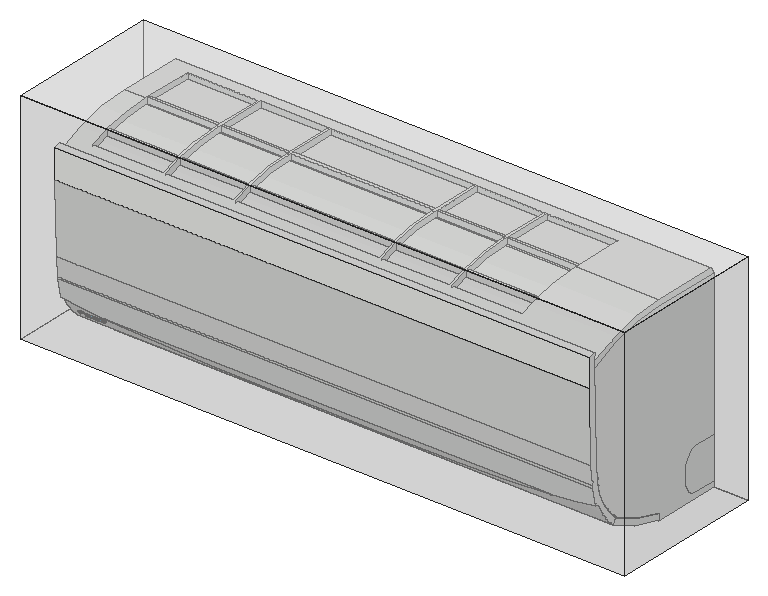
Revit family "outputfile", category 機械設備, Revit 2024
Family settings
  丸型コネクタ寸法 = 半径を使用
  パーツ タイプ = 標準
  OmniClass 番号 = 23.75.10.24.21.27.27
  OmniClass タイトル = Split System Air Conditioning Units
  作業面ベース = いいえ
  常に垂直 = はい
  ロード時にボイドで切り取り = いいえ
  注釈の向きを維持 = いいえ
  共有 = いいえ
  部屋計算ポイント = いいえ
Parameters (values of type "CTKM20RVMA")
  Description = ""
  書き出し IFC クラス(タイプ) = "IfcUnitaryEquipmentType"
  定義済み IFC タイプ(タイプ) = "AIRCONDITIONINGUNIT"
  Cost = 0
  Type Comments = ""
  Keynote = ""
  Type Image = (empty or 0)
  Assembly Code = ""
  w_wall hole = if(Width = 770.0 mm, 48.0 mm, 60.0 mm)  # 48.0 mm
  製造元 = "Daikin"
  モデル = "CTKM20RVMA"
  switch_frequency = yes
  r_Liquid Pipe Size = Liquid Pipe Size / 2  # 3.2 mm
  r_Gas Pipe Size = Gas Pipe Size / 2  # 4.75 mm
  r_Drain Pipe Size = Drain Pipe Size / 2  # 8.0 mm
  lw_powersupply [instance] = if(Width = 770.0 mm, if(or(Rear Right Connection_refrigerant, Bottom Right Connection_refrigerant), 25.0 mm, if(or(Rear Left Connection_refrigerant, Bottom Left Connection_refrigerant), 745.0 mm, 400.0 mm)), if(Width = 990.0 mm, if(or(Rear Right Connection_refrigerant, Bottom Right Connection_refrigerant), 40.0 mm, if(or(Rear Left Connection_refrigerant, Bottom Left Connection_refrigerant), 920.0 mm, 400.0 mm)), if(or(Rear Right Connection_refrigerant, Bottom Right Connection_refrigerant), 40.0 mm, if(or(Rear Left Connection_refrigerant, Bottom Left Connection_refrigerant), 920.0 mm, 400.0 mm))))  # 400.0 mm
  lw_liquidpipe [instance] = if(Width = 770.0 mm, if(or(Rear Right Connection_refrigerant, Bottom Right Connection_refrigerant), 0.0 mm, if(or(Rear Left Connection_refrigerant, Bottom Left Connection_refrigerant), 664.0 mm, 385.0 mm)), if(Width = 990.0 mm, if(or(Rear Right Connection_refrigerant, Bottom Right Connection_refrigerant), 0.0 mm, if(or(Rear Left Connection_refrigerant, Bottom Left Connection_refrigerant), 664.0 mm + (990.0 mm - 770.0 mm), 475.0 mm)), if(or(Rear Right Connection_refrigerant, Bottom Right Connection_refrigerant), 0.0 mm, if(or(Rear Left Connection_refrigerant, Bottom Left Connection_refrigerant), 664.0 mm + (990.0 mm - 770.0 mm), 475.0 mm))))  # 385.0 mm
  lw_gaspipe [instance] = if(Width = 770.0 mm, if(or(Rear Right Connection_refrigerant, Bottom Right Connection_refrigerant), 0.0 mm, if(or(Rear Left Connection_refrigerant, Bottom Left Connection_refrigerant), 675.0 mm, if(Gas Pipe Size = 12.7 mm, 345.0 mm, 335.0 mm))), if(Width = 990.0 mm, if(or(Rear Right Connection_refrigerant, Bottom Right Connection_refrigerant), 10.0 mm, if(or(Rear Left Connection_refrigerant, Bottom Left Connection_refrigerant), 890.0 mm, if(Gas Pipe Size = 15.9 mm, 410.0 mm, 400.0 mm))), if(or(Rear Right Connection_refrigerant, Bottom Right Connection_refrigerant), 10.0 mm, if(or(Rear Left Connection_refrigerant, Bottom Left Connection_refrigerant), 890.0 mm, if(Gas Pipe Size = 15.9 mm, 410.0 mm, 400.0 mm)))))  # 335.0 mm
  lw_drainpipe [instance] = if(Width = 770.0 mm, if(or(Rear Right Connection_refrigerant, Bottom Right Connection_refrigerant), 0.0 mm, if(or(Rear Left Connection_refrigerant, Bottom Left Connection_refrigerant), 770.0 mm - 48.0 mm - 48.0 mm, 440.0 mm)), if(Width = 990.0 mm, if(or(Rear Right Connection_refrigerant, Bottom Right Connection_refrigerant), 0.0 mm, if(or(Rear Left Connection_refrigerant, Bottom Left Connection_refrigerant), 675.0 mm + (990.0 mm - 770.0 mm), 435.0 mm)), if(or(Rear Right Connection_refrigerant, Bottom Right Connection_refrigerant), 0.0 mm, if(or(Rear Left Connection_refrigerant, Bottom Left Connection_refrigerant), 675.0 mm + (990.0 mm - 770.0 mm), 435.0 mm))))  # 440.0 mm
  l_powersupply_length [instance] = if(Width = 770.0 mm, if(Right Connection_refrigerant, 400.0 mm, if(Left Connection_refrigerant, 770.0 mm - 400.0 mm, if(or(Rear Left Connection_refrigerant, Rear Right Connection_refrigerant), 15.0 mm, 50.0 mm))), if(Width = 990.0 mm, if(Right Connection_refrigerant, 400.0 mm, if(Left Connection_refrigerant, 990.0 mm - 400.0 mm, if(or(Rear Left Connection_refrigerant, Rear Right Connection_refrigerant), 15.0 mm, 50.0 mm))), if(Right Connection_refrigerant, 400.0 mm, if(Left Connection_refrigerant, 990.0 mm - 400.0 mm, if(or(Rear Left Connection_refrigerant, Rear Right Connection_refrigerant), 15.0 mm, 50.0 mm)))))  # 400.0 mm
  l_liquidpipe_length [instance] = if(Width = 770.0 mm, if(Right Connection_refrigerant, 433.0 mm, if(Left Connection_refrigerant, 337.0 mm, if(or(Rear Left Connection_refrigerant, Rear Right Connection_refrigerant), 30.0 mm, 40.0 mm))), if(Width = 990.0 mm, if(Right Connection_refrigerant, 535.0 mm, if(Left Connection_refrigerant, 455.0 mm, if(or(Rear Left Connection_refrigerant, Rear Right Connection_refrigerant), 30.0 mm, 40.0 mm))), if(Right Connection_refrigerant, 535.0 mm, if(Left Connection_refrigerant, 455.0 mm, if(or(Rear Left Connection_refrigerant, Rear Right Connection_refrigerant), 30.0 mm, 40.0 mm)))))  # 433.0 mm
  l_gaspipe_length [instance] = if(Width = 770.0 mm, if(Right Connection_refrigerant, if(Gas Pipe Size = 12.7 mm, 393.0 mm, 383.0 mm), if(Left Connection_refrigerant, if(Gas Pipe Size = 12.7 mm, 770.0 mm - 393.0 mm, 770.0 mm - 383.0 mm), if(or(Rear Left Connection_refrigerant, Rear Right Connection_refrigerant), 40.0 mm, 50.0 mm))), if(Width = 990.0 mm, if(Right Connection_refrigerant, if(Gas Pipe Size = 15.9 mm, 470.0 mm, 460.0 mm), if(Left Connection_refrigerant, if(Gas Pipe Size = 15.9 mm, 990.0 mm - 470.0 mm, 990.0 mm - 460.0 mm), if(or(Rear Left Connection_refrigerant, Rear Right Connection_refrigerant), 40.0 mm, 50.0 mm))), if(Right Connection_refrigerant, if(Gas Pipe Size = 15.9 mm, 470.0 mm, 460.0 mm), if(Left Connection_refrigerant, if(Gas Pipe Size = 15.9 mm, 990.0 mm - 470.0 mm, 990.0 mm - 460.0 mm), if(or(Rear Left Connection_refrigerant, Rear Right Connection_refrigerant), 40.0 mm, 50.0 mm)))))  # 383.0 mm
  l_drainpipe_length [instance] = if(Width = 770.0 mm, if(Right Connection_refrigerant, 488.0 mm, if(Left Connection_refrigerant, 282.0 mm, if(or(Rear Left Connection_refrigerant, Rear Right Connection_refrigerant), 15.0 mm, 20.0 mm))), if(Width = 990.0 mm, if(Right Connection_refrigerant, 495.0 mm, if(Left Connection_refrigerant, 495.0 mm, if(or(Rear Left Connection_refrigerant, Rear Right Connection_refrigerant), 15.0 mm, 20.0 mm))), if(Right Connection_refrigerant, 495.0 mm, if(Left Connection_refrigerant, 495.0 mm, if(or(Rear Left Connection_refrigerant, Rear Right Connection_refrigerant), 15.0 mm, 20.0 mm)))))  # 488.0 mm
  h*** = 0.0 mm  # constant formula
  connector_voltage = Voltage_50Hz  # 230 V
  connector_powerinput = [Power Input (Cooling)]  # 0.000 kW
  connector_phase = Phase_50Hz  # 1
  angle_vertical [instance] = if(or(Bottom Left Connection_refrigerant, Bottom Right Connection_refrigerant), 0.00°, 90.00°)  # 90.00°
  angle_horizontal [instance] = if(Right Connection_refrigerant, 90.00°, if(Left Connection_refrigerant, -90.00°, if(or(Rear Left Connection_refrigerant, Rear Right Connection_refrigerant), 180.00°, 0.00°)))  # 90.00°
  Width = 770.0 mm
  Voltage_comment_50Hz = "220 - 240"
  Voltage_50Hz = 230 V
  Version = "ver.1.0"
  Unit Type = "Wall Mounted"
  Unit Mass Weight = 8.00 kg
  Unit Designation [instance] = ""
  Uniclass2015Version = "Products v1.30"
  Uniclass2015Title = "Split coil room air conditioning units"
  Uniclass2015Code = "Pr_70_65_03_86"
  URL = ""
  Total Cooling Capacity [instance] = 0.000 kW
  Sound Pressure Level_M speed (dBA) = 32
  Sound Pressure Level_L speed (dBA) = 25
  Sound Pressure Level_H speed (dBA) = 38
  Sound Power Level_H speed (dB) = 0
  Series = "Multi Split_Fan Coil Unit"
  Sensible Cooling Capacity [instance] = 0.000 kW
  Refrigerant Type = "R32"
  Power Input (Cooling) = 0.000 kW
  Phase_50Hz = 1
  Option Accessory 3 [instance] = ""
  Option Accessory 2 [instance] = ""
  Option Accessory 1 [instance] = ""
  Nominal Cooling Capacity = 2.000 kW
  Minimum Circuit Amps_50Hz = 0.0 A
  Minimum Airflow = 324.00 m³/h
  Median Airflow = 450.00 m³/h
  Maximum Fuse Amps_50Hz = 0.0 A
  Maximum Airflow = 576.00 m³/h
  Material_Casing = DAIKIN_White_Casing_indoorunit
  Load Classification = HVAC
  Liquid Pipe Size = 6.4 mm
  Link_Nested Family [instance] = ""
  IfcVersion = ""
  IfcExportType = "AIRCONDITIONINGUNIT"
  IfcExportAs = "IfcUnitaryEquipmentType"
  Height = 285.0 mm
  Heat Exchanger Type = "Cross Fin Coil"
  Gas Pipe Size = 9.5 mm
  Frequency_50Hz = 50 Hz
  Fan Type = "Cross Flow Fan"
  Fan Drive = "Direct Drive"
  FCU Tag No. [instance] = ""
  Drain Pipe Size = 16.0 mm
  Design Supply Airflow [instance] = 0.00 m³/h
  Depth = 223.0 mm
  既定の高さ = 0.0 mm
  Cooling Entering Wet Bulb Temperature [instance] = 0.00 °C
  Cooling Entering Dry Bulb Temperature [instance] = 0.00 °C
  Cooling Ambient Wet Bulb Temperature [instance] = 0.00 °C
  Cooling Ambient Dry Bulb Temperature [instance] = 0.00 °C
  Clearance visibility [instance] = yes
  Clearance Top = 30.0 mm
  Clearance Right = 50.0 mm
  Clearance Rear = 0.0 mm
  Clearance Left = 50.0 mm
  Clearance Front = 0.0 mm
  Clearance Bottom = 0.0 mm
  Bottom Right Connection_refrigerant [instance] = no
  Bottom Left Connection_refrigerant [instance] = no
  Rear Right Connection_refrigerant [instance] = no
  Rear Left Connection_refrigerant [instance] = no
  Right Connection_refrigerant [instance] = yes
  Left Connection_refrigerant [instance] = no
Reference planes
  plane 1 "Back": y = 0
  plane 2: z = 0
  plane 3 "Center (Left/Right)": x = 0
  plane 4 "Center (Front/Back)": y = -111.5
  plane 5 "Front": y = -223
  plane 6 "Left": x = -385
  plane 7 "Right": x = 385
  plane 8 "Top": z = 0
  plane 9 "Bottom": z = -285
  plane 10: x = -435
  plane 11: x = 435
  plane 12: y = 0
  plane 13: y = -223
  plane 14: z = 30
  plane 15: z = -285
  plane 16 "lw_Piping and Wiring intake": x = 337
  plane 17 "lw_gaspipe": x = 2
  plane 18 "lw_liquidpipe": x = -48
  plane 19 "lw_drainpipe": x = -103
  plane 20 "lh_drainpipe": z = -265
  plane 21 "lh_liquidpipe": z = -245
  plane 22 "lh_gaspipe": z = -235
  plane 23 "ld_drainpipe": y = -15
  plane 24 "ld_liquidpipe": y = -30
  plane 25 "ld_gaspipe": y = -40
  plane 26 "lw_powersupply": x = -15
Dimensions and locks
  equal spacing: plane 6 "Left", plane 3 "Center (Left/Right)", plane 7 "Right"
  "Width": plane 6 "Left" to plane 7 "Right"
  equal spacing: plane 5 "Front", plane 4 "Center (Front/Back)", plane 1 "Back"
  "Depth": plane 5 "Front" to plane 1 "Back"
  "Height": plane 8 "Top" to plane 9 "Bottom"
  "Clearance Rear": plane 12 to plane 1 "Back"
  "Clearance Front": plane 13 to plane 5 "Front"
  "Clearance Top": plane 14 to plane 8 "Top"
  "Clearance Bottom": plane 9 "Bottom" to plane 15
  "w_wall hole": plane 16 "lw_Piping and Wiring intake" to plane 7 "Right"
  "lw_gaspipe": plane 17 "lw_gaspipe" to plane 16 "lw_Piping and Wiring intake"
  "lw_liquidpipe": plane 18 "lw_liquidpipe" to plane 16 "lw_Piping and Wiring intake"
  "lw_drainpipe": plane 19 "lw_drainpipe" to plane 16 "lw_Piping and Wiring intake"
  locked: plane 20 "lh_drainpipe" to plane 9 "Bottom" at 20
  locked: plane 21 "lh_liquidpipe" to plane 9 "Bottom" at 40
  locked: plane 22 "lh_gaspipe" to plane 9 "Bottom" at 50
  locked: plane 23 "ld_drainpipe" to plane 1 "Back" at 15
  locked: plane 1 "Back" to plane 24 "ld_liquidpipe" at 30
  locked: plane 1 "Back" to plane 25 "ld_gaspipe" at 40
  "lw_powersupply": plane 26 "lw_powersupply" to plane 7 "Right"
  "Clearance Right": plane 7 "Right" to plane 11
  "Clearance Left": plane 10 to plane 6 "Left"
  aligned and locked: level to plane 2
  aligned and locked: plane 12 to nested 1
  aligned and locked: nested 1 to plane 13
  aligned and locked: plane 10 to nested 1
  aligned and locked: plane 11 to nested 1
  aligned and locked: plane 15 to nested 1
  aligned and locked: plane 14 to nested 1
  aligned and locked: plane 17 "lw_gaspipe" to nested 2
  aligned and locked: nested 2 to plane 25 "ld_gaspipe"
  aligned and locked: plane 18 "lw_liquidpipe" to nested 3
  aligned and locked: nested 3 to plane 24 "ld_liquidpipe"
  aligned and locked: plane 19 "lw_drainpipe" to nested 4
  aligned and locked: nested 4 to plane 23 "ld_drainpipe"
  aligned and locked: nested 5 to plane 23 "ld_drainpipe"
  aligned and locked: plane 26 "lw_powersupply" to nested 5
  aligned and locked: level to plane 8 "Top"
  aligned and locked: plane 3 "Center (Left/Right)" to nested 6
  aligned and locked: plane 1 "Back" to nested 6
  aligned and locked: plane 8 "Top" to nested 6
Nested families
  nested 1: "daikin_clearancespace" at (0, -111.5, -127.381), show <- "Clearance visibility", visible <- "Clearance visibility", Link_Nested Family <- "Link_Nested Family", type "daikin_clearancespace"
    with width 870.0 mm, show yes, height 315.0 mm, depth 223.0 mm, Link_Nested Family ""
  nested 2: "daikin_connector_rotate3" at (2, -40, -235), angle_vertical <- "angle_vertical", angle_horizontal <- "angle_horizontal", length <- "l_gaspipe_length", radius <- "r_Gas Pipe Size", type "daikin_connector_rotate3"
    with show no, radius 4.75 mm, length 383.0 mm, angle_vertical 90.00°, angle_horizontal 90.00°
  nested 3: "daikin_connector_rotate3" at (-48, -30, -245), angle_vertical <- "angle_vertical", angle_horizontal <- "angle_horizontal", radius <- "r_Liquid Pipe Size", length <- "l_liquidpipe_length", type "daikin_connector_rotate3"
    with show no, radius 3.2 mm, length 433.0 mm, angle_vertical 90.00°, angle_horizontal 90.00°
  nested 4: "daikin_connector_rotate3" at (-103, -15, -265), angle_vertical <- "angle_vertical", angle_horizontal <- "angle_horizontal", length <- "l_drainpipe_length", radius <- "r_Drain Pipe Size", type "daikin_connector_rotate3"
    with show no, radius 8.0 mm, length 488.0 mm, angle_vertical 90.00°, angle_horizontal 90.00°
  nested 5: "daikin_connector_rotate3" at (-15, -15, -235), angle_vertical <- "angle_vertical", angle_horizontal <- "angle_horizontal", length <- "l_powersupply_length", type "daikin_connector_rotate3"
    with show no, radius 10.0 mm, length 400.0 mm, angle_vertical 90.00°, angle_horizontal 90.00°
  nested 6: "DAIKIN_indoorunit_CTKM-RVMA" at (-31, 0, 0), type "CTKM-RVMA"
Connectors
  piping at (385, -40, -235), diameter 9.5, driven by "r_Gas Pipe Size"
    settings: on nested 2, index 1, connector inside diameter 609.6 mm, connector length 0.0 mm, flow factor 0, pipe flow 0.00 m³/h, pressure drop 0.0 Pa, fitting loss kfactor 0, connector angle 0.00°, fixture units 0, engagement length 0.0 mm, angle of deflection 0.00°, flow configuration 1, flow direction 2, fitting loss method 0, system type 29, joint type 0, gender type 0, connector reference index -1, connector utility 0, adjustable connector no, is connector primary yes, connector description "Refrigerant Gas Piping"
  piping at (385, -30, -245), diameter 6.4, driven by "r_Liquid Pipe Size"
    settings: on nested 3, index 2, connector inside diameter 609.6 mm, connector length 0.0 mm, flow factor 0, pipe flow 0.00 m³/h, pressure drop 0.0 Pa, fitting loss kfactor 0, connector angle 0.00°, fixture units 0, engagement length 0.0 mm, angle of deflection 0.00°, flow configuration 1, flow direction 1, fitting loss method 0, system type 29, joint type 0, gender type 0, connector reference index -1, connector utility 0, adjustable connector no, is connector primary no, connector description "Refrigerant Liquid Piping"
  piping at (385, -15, -265), diameter 16, driven by "r_Drain Pipe Size"
    settings: on nested 4, index 3, connector inside diameter 609.6 mm, connector length 0.0 mm, flow factor 0, pipe flow 0.00 m³/h, pressure drop 0.0 Pa, fitting loss kfactor 0, connector angle 0.00°, fixture units 0, engagement length 0.0 mm, angle of deflection 0.00°, flow configuration 1, flow direction 2, fitting loss method 4, system type 16, joint type 0, gender type 0, connector reference index -1, connector utility 0, adjustable connector no, is connector primary no, connector description "Condensate Drain Piping"
  electrical at (385, -15, -235), driven by "Load Classification", driven by "connector_phase", driven by "connector_powerinput", driven by "connector_voltage"
    settings: on nested 5, index 4, voltage 230 V, apparent load 0 VA, apparent load phase1 0 VA, apparent load phase2 0 VA, apparent load phase3 0 VA, power factor 1, load classification "HVAC", number of poles 1, system type 30, power factor state 1, is connector primary yes, connector utility no, sub classification motor no, connector description "Power Supply"
Definition of nested family "daikin_clearancespace"
  Parameters (values of type "daikin_clearancespace")
    Description = "daikin_clearancespace"
    width [instance] = 1823.963 mm
    show [instance] = yes
    material = none
    height [instance] = 1359.762 mm
    depth [instance] = 880.0 mm
    Default Elevation = 0.0 mm
    Link_Nested Family [instance] = ""
  Reference planes
    plane 1 "Center (Front/Back)": y = 0
    plane 2 "Center (Elevation)": z = -0.119
    plane 3 "Center (Left/Right)": x = 0
    plane 4: y = 440
    plane 5: y = -440
    plane 6 "Right": x = 911.982
    plane 7 "Left": x = -911.982
    plane 8 "Top": z = 679.762
    plane 9 "Bottom": z = -680
  Forms (mm)
    Extrusion 1, solid, material <- "material", visible <- "show"
      sketch origin (0, 0, 0) x (1, 0, 0) y (0, 1, 0)
        loop
          line (-911.982, 440) -> (-911.982, -440) -> (911.982, -440) -> (911.982, 440) -> (-911.982, 440)
      from -680 to 679.762
  Lines and regions (mm)
    symbolic lines, visible <- "show"
      curve 1: line (911.982, 440, 0) -> (-911.982, 440, 0)
      curve 2: line (-911.982, 440, 0) -> (-911.982, -440, 0)
      curve 3: line (-911.982, -440, 0) -> (911.982, -440, 0)
      curve 4: line (911.982, -440, 0) -> (911.982, 440, 0)
      curve 5: line (911.982, 0, 679.762) -> (-911.982, 0, 679.762)
      curve 6: line (911.982, 0, -680) -> (911.982, 0, 679.762)
      curve 7: line (-911.982, 0, -680) -> (911.982, 0, -680)
      curve 8: line (-911.982, 0, 679.762) -> (-911.982, 0, -680)
      curve 9: line (0, 440, 679.762) -> (0, -440, 679.762)
      curve 10: line (0, -440, 679.762) -> (0, -440, -680)
      curve 11: line (0, 440, -680) -> (0, 440, 679.762)
      curve 12: line (0, -440, -680) -> (0, 440, -680)
  Dimensions and locks
    "width": plane 7 "Left" to plane 6 "Right"
    "depth": plane 4 to plane 5
    "height": plane 8 "Top" to plane 9 "Bottom"
    equal spacing: plane 7 "Left", plane 3 "Center (Left/Right)", plane 6 "Right"
    equal spacing: plane 4, plane 1 "Center (Front/Back)", plane 5
    equal spacing: plane 8 "Top", plane 2 "Center (Elevation)", plane 9 "Bottom"
    aligned and locked: level to plane 2 "Center (Elevation)"
    aligned and locked: Extrusion 1 sketch curve to plane 4
    aligned and locked: plane 7 "Left" to Extrusion 1 sketch curve
    aligned and locked: Extrusion 1 sketch curve to plane 5
    aligned and locked: Extrusion 1 sketch curve to plane 6 "Right"
    aligned and locked: plane 8 "Top" to Extrusion 1
    aligned and locked: curve 1 to Extrusion 1
    aligned and locked: curve 2 to Extrusion 1
    aligned and locked: curve 3 to Extrusion 1
    aligned and locked: curve 4 to Extrusion 1
    aligned and locked: curve 5 to Extrusion 1
    aligned and locked: curve 6 to Extrusion 1
    aligned and locked: curve 7 to Extrusion 1
    aligned and locked: curve 8 to Extrusion 1
    aligned and locked: curve 9 to Extrusion 1
    aligned and locked: curve 10 to Extrusion 1
    aligned and locked: curve 11 to Extrusion 1
    aligned and locked: curve 12 to Extrusion 1
    aligned and locked: Extrusion 1 to plane 9 "Bottom"
Definition of nested family "DAIKIN_indoorunit_CTKM-RVMA"
  Parameters (values of type "FTKM-QVMA")
    switch_unit1_50-71 = Width = 990.0 mm  # no
    switch_unit1_20-46 = Width = 770.0 mm  # yes
    Width = 770.0 mm
    WALL HOLE-R = if(Width = 770.0 mm, 48.0 mm, 60.0 mm)  # 48.0 mm
    WALL HOLE Size = if(Width = 770.0 mm, 65.0 mm, 80.0 mm)  # 65.0 mm
    Material_Casing = none
    Height = if(Width = 770.0 mm, 285.0 mm, 295.0 mm)  # 285.0 mm
    Default Elevation = 0.0 mm
  Reference planes
    plane 1 "Center (Front/Back)": y = 0
    plane 2 "reference_level": z = 0
    plane 3 "Center (Left/Right)": x = 31
    plane 4: x = -354
    plane 5: x = 416
    plane 6: z = -285
  Forms (mm)
    Extrusion 1, solid, material <- "Material_Casing", visible <- "switch_unit1_20-46"
      sketch origin (29, 0, 0) x (0, 1, 0) y (0, 0, 1)
        loop
          line (-5, 0) -> (-98, 0)
          arc (-98, 0) -> (-157.611, -7.211) -> (-213.783, -28.427) r 250
          arc (-213.783, -28.427) -> (-213.842, -32.972) -> (-213.892, -37.516) r 2191
          arc (-213.892, -37.516) -> (-157.832, -15.495) -> (-98.07, -8) r 242
          line (-98.07, -8) -> (0, -8) -> (-5, 0)
      from -383 to 387
    Extrusion 2, solid, material <- "Material_Casing", visible <- "switch_unit1_20-46"
      sketch origin (416, 1296.25, 1200) x (0, 1, 0) y (0, 0, 1)
        loop
          line (-1472.998, -1446.91) -> (-1476.998, -1453.839)
          arc (-1476.998, -1453.839) -> (-1437.481, -1472.422) -> (-1395.25, -1483.538) r 240
          line (-1395.25, -1483.538) -> (-1395.25, -1475.422)
          arc (-1395.25, -1475.422) -> (-1435.407, -1464.663) -> (-1472.998, -1446.91) r 232
      from 0 to -47.5
    Extrusion 3, solid, material <- "Material_Casing", visible <- "switch_unit1_20-46"
      sketch origin (29, 0, 0) x (0, 1, 0) y (0, 0, 1)
        loop
          arc (-223, -60.455) -> (-222.414, -110.646) -> (-220.656, -160.81) r 2149.92
          arc (-220.656, -160.81) -> (-219.65, -174.299) -> (-217.853, -187.706) r 229.911
          arc (-217.853, -187.706) -> (-205.371, -223.594) -> (-181.517, -253.17) r 111
          line (-181.517, -253.17) -> (-177.429, -246.093)
          arc (-177.429, -246.093) -> (-198.77, -218.989) -> (-209.965, -186.36) r 103
          arc (-209.965, -186.36) -> (-211.681, -173.586) -> (-212.651, -160.735) r 221.844
          arc (-212.651, -160.735) -> (-214.739, -93.233) -> (-214.74, -25.699) r 2186.828
          arc (-214.74, -25.699) -> (-214.671, -21.467) -> (-214.594, -17.235) r 2192
          line (-214.594, -17.235) -> (-223, -19.961) -> (-223, -60.455)
      from -383 to 387
    Extrusion 4, solid, material <- "Material_Casing", visible <- "switch_unit1_20-46"
      sketch origin (29, 0, 0) x (0, 1, 0) y (0, 0, 1)
        loop
          line (-181.517, -253.17) -> (-179.597, -249.846)
          arc (-179.597, -249.846) -> (-202.009, -221.399) -> (-213.189, -186.952) r 103
          line (-213.189, -186.952) -> (-217.853, -187.706)
          arc (-217.853, -187.706) -> (-217.533, -189.556) -> (-217.182, -191.4) r 111
          arc (-217.182, -191.4) -> (-213.806, -208.181) -> (-210.362, -224.948) r 4257.809
          arc (-210.362, -224.948) -> (-198.886, -237.857) -> (-186.225, -249.607) r 180
          line (-186.225, -249.607) -> (-181.517, -253.17)
      from -383 to 387
    Extrusion 5, solid, material <- "Material_Casing", visible <- "switch_unit1_20-46"
      sketch origin (29, 0, -20) x (0, 1, 0) y (0, 0, 1)
        loop
          line (0, -265) -> (0, 12) -> (-98.07, 12)
          arc (-98.07, 12) -> (-157.832, 4.505) -> (-213.892, -17.516) r 242
          arc (-213.892, -17.516) -> (-213.638, -79.114) -> (-211.653, -140.681) r 2191
          arc (-211.653, -140.681) -> (-210.685, -153.501) -> (-208.973, -166.243) r 221
          arc (-208.973, -166.243) -> (-197.471, -199.282) -> (-175.482, -226.491) r 102
          arc (-175.482, -226.491) -> (-138.004, -244.019) -> (-98, -254.579) r 231
          line (-98, -254.579) -> (-98, -265) -> (0, -265)
      from -383 to 387
    Extrusion 6, solid, material <- "Material_Casing", visible <- "switch_unit1_20-46"
      sketch origin (-354, 1296.25, 1200) x (0, 1, 0) y (0, 0, 1)
        loop
          line (-1472.998, -1446.91) -> (-1476.998, -1453.839)
          arc (-1476.998, -1453.839) -> (-1437.481, -1472.422) -> (-1395.25, -1483.538) r 240
          line (-1395.25, -1483.538) -> (-1395.25, -1475.422)
          arc (-1395.25, -1475.422) -> (-1435.407, -1464.663) -> (-1472.998, -1446.91) r 232
      from 47 to 0
    Extrusion 7, solid, material <- "Material_Casing", visible <- "switch_unit1_20-46"
      sketch origin (416, 1296.25, 1200) x (0, 1, 0) y (0, 0, 1)
        loop
          line (-1472.998, -1446.91) -> (-1476.998, -1453.839)
          arc (-1476.998, -1453.839) -> (-1443.437, -1470.168) -> (-1407.75, -1481.097) r 240
          line (-1407.75, -1481.097) -> (-1407.75, -1472.894)
          arc (-1407.75, -1472.894) -> (-1441.363, -1462.385) -> (-1472.998, -1446.91) r 232
      from -116.993 to -48.493
    Extrusion 8, solid, material <- "Material_Casing", visible <- "switch_unit1_20-46"
      sketch origin (416, 1296.25, 1200) x (0, 1, 0) y (0, 0, 1)
        loop
          line (-1472.998, -1446.91) -> (-1476.998, -1453.839)
          arc (-1476.998, -1453.839) -> (-1443.437, -1470.168) -> (-1407.75, -1481.097) r 240
          line (-1407.75, -1481.097) -> (-1407.75, -1472.894)
          arc (-1407.75, -1472.894) -> (-1441.363, -1462.385) -> (-1472.998, -1446.91) r 232
      from -717 to -121.993
    Extrusion 9, void
      sketch origin (31, 0, -235) x (1, 0, 0) y (0, 1, 0)
        loop
          line (-252.674, -22.316) -> (-354.941, -22.316) -> (-354.941, -91.341) -> (-252.674, -91.341) -> (-252.674, -22.316)
        loop
          line (-249.341, -91.341) -> (-151.574, -91.341) -> (-151.574, -22.316) -> (-249.341, -22.316) -> (-249.341, -91.341)
        loop
          line (58.309, -22.316) -> (-148.309, -22.316) -> (-148.309, -91.341) -> (58.309, -91.341) -> (58.309, -22.316)
        loop
          line (61.689, -22.316) -> (61.689, -91.341) -> (159.457, -91.341) -> (159.457, -22.316) -> (61.689, -22.316)
        loop
          line (162.789, -22.316) -> (162.789, -91.341) -> (265.057, -91.341) -> (265.057, -22.316) -> (162.789, -22.316)
        loop
          line (-354.941, -94.659) -> (-354.941, -165.259) -> (-252.674, -165.259) -> (-252.674, -94.659) -> (-354.941, -94.659)
        loop
          line (-249.341, -94.659) -> (-249.341, -165.259) -> (-151.574, -165.259) -> (-151.574, -94.659) -> (-249.341, -94.659)
        loop
          line (-148.309, -94.659) -> (-148.309, -165.259) -> (58.309, -165.259) -> (58.309, -94.659) -> (-148.309, -94.659)
        loop
          line (61.689, -94.659) -> (61.689, -165.259) -> (159.457, -165.259) -> (159.457, -94.659) -> (61.689, -94.659)
        loop
          line (162.789, -94.659) -> (162.789, -165.259) -> (265.057, -165.259) -> (265.057, -94.659) -> (162.789, -94.659)
        loop
          line (-354.941, -167.382) -> (-354.941, -192.681) -> (-252.674, -192.681) -> (-252.674, -167.382) -> (-354.941, -167.382)
        loop
          line (-249.341, -167.382) -> (-249.341, -192.681) -> (-151.574, -192.681) -> (-151.574, -167.382) -> (-249.341, -167.382)
        loop
          line (-148.309, -167.382) -> (-148.309, -192.681) -> (58.309, -192.681) -> (58.309, -167.382) -> (-148.309, -167.382)
        loop
          line (159.457, -167.382) -> (61.689, -167.382) -> (61.689, -192.681) -> (159.457, -192.681) -> (159.457, -167.382)
        loop
          line (265.057, -167.382) -> (162.789, -167.382) -> (162.789, -192.681) -> (265.057, -192.681) -> (265.057, -167.382)
      from 201.638 to 250
    Extrusion 10, void
      sketch origin (31, 0, 0) x (1, 0, 0) y (0, 0, 1)
        loop
          arc (597, -174.907) -> (0.056, -245.263) -> (-597, -175.856) r 2585.042
          line (-597, -175.856) -> (-597, -352.872) -> (597, -352.872) -> (597, -174.907)
      from 173 to 315.3
    Extrusion 11, solid, material <- "Material_Casing"
      sketch origin (31, 0, 0) x (1, 0, 0) y (0, 0, 1)
        loop
          circle (337, -240.5) r 32.5
        loop
          circle (-337, -240.5) r 32.5
      from 0 to 5
    Extrusion 12, solid, material <- "Material_Casing", visible <- "switch_unit1_20-46"
      sketch origin (416, 1296.25, 1200) x (0, -1, 0) y (0, 0, 1)
        loop
          line (1326.25, -1417) -> (1296.25, -1417) -> (1296.25, -1477) -> (1326.25, -1477)
          arc (1326.25, -1477) -> (1340.393, -1471.142) -> (1346.25, -1457) r 20
          line (1346.25, -1457) -> (1346.25, -1437)
          arc (1346.25, -1437) -> (1340.393, -1422.858) -> (1326.25, -1417) r 20
      from 0 to 5
    Extrusion 13, solid, material <- "Material_Casing", visible <- "switch_unit1_20-46"
      sketch origin (-354, 1296.25, 1200) x (0, 1, 0) y (0, 0, 1)
        loop
          line (-1296.25, -1417) -> (-1326.25, -1417)
          arc (-1326.25, -1417) -> (-1340.393, -1422.858) -> (-1346.25, -1437) r 20
          line (-1346.25, -1437) -> (-1346.25, -1457)
          arc (-1346.25, -1457) -> (-1340.393, -1471.142) -> (-1326.25, -1477) r 20
          line (-1326.25, -1477) -> (-1296.25, -1477) -> (-1296.25, -1417)
      from 0 to 5
    Extrusion 14, solid, material <- "Material_Casing", visible <- "switch_unit1_20-46"
      sketch origin (31, 0, -285) x (-1, 0, 0) y (0, -1, 0)
        loop
          line (-314, 0) -> (-314, 30)
          arc (-314, 30) -> (-319.858, 44.142) -> (-334, 50) r 20
          line (-334, 50) -> (-354, 50)
          arc (-354, 50) -> (-368.142, 44.142) -> (-374, 30) r 20
          line (-374, 30) -> (-374, 0) -> (-314, 0)
        loop
          line (374, 0) -> (374, 30)
          arc (374, 30) -> (368.142, 44.142) -> (354, 50) r 20
          line (354, 50) -> (334, 50)
          arc (334, 50) -> (319.858, 44.142) -> (314, 30) r 20
          line (314, 30) -> (314, 0) -> (374, 0)
      from 0 to 5
    Extrusion 15, solid, material <- "Material_Casing", visible <- "switch_unit1_50-71"
      sketch origin (31, 0, 0) x (0, 1, 0) y (0, 0, 1)
        loop
          line (-5, 0) -> (-138, 0)
          arc (-138, 0) -> (-197.611, -7.211) -> (-253.783, -28.427) r 250
          arc (-253.783, -28.427) -> (-253.838, -32.687) -> (-253.886, -36.946) r 2191
          arc (-253.886, -36.946) -> (-197.73, -15.346) -> (-138.014, -8) r 246.393
          line (-138.014, -8) -> (0, -8) -> (-5, 0)
      from -495 to 495
    Extrusion 16, solid, material <- "Material_Casing", visible <- "switch_unit1_50-71"
      sketch origin (418, 1296.25, 1200) x (0, 1, 0) y (0, 0, 1)
        loop
          arc (-1515.208, -1454.149) -> (-1506.856, -1460.599) -> (-1497.925, -1466.219) r 110
          arc (-1497.925, -1466.219) -> (-1445.718, -1487.493) -> (-1389.844, -1494.995) r 223
          line (-1389.844, -1494.995) -> (-1389.844, -1486.086) -> (-1404.386, -1486.086)
          arc (-1404.386, -1486.086) -> (-1449.542, -1477.46) -> (-1491.818, -1459.402) r 214.289
          arc (-1491.818, -1459.402) -> (-1501.056, -1453.541) -> (-1509.606, -1446.715) r 101
          line (-1509.606, -1446.715) -> (-1515.208, -1454.149)
      from 108 to 57.5
    Extrusion 17, solid, material <- "Material_Casing", visible <- "switch_unit1_50-71"
      sketch origin (31, 0, 0) x (0, 1, 0) y (0, 0, 1)
        loop
          line (-263, -19.962) -> (-263, -61.6)
          arc (-263, -61.6) -> (-262.414, -110.219) -> (-260.656, -158.81) r 2017.341
          arc (-260.656, -158.81) -> (-255.648, -191.935) -> (-244.041, -223.362) r 164.725
          arc (-244.041, -223.362) -> (-233.569, -239.793) -> (-219.717, -253.495) r 87.379
          line (-219.717, -253.495) -> (-214.706, -246.846)
          arc (-214.706, -246.846) -> (-229.564, -230.029) -> (-240.385, -210.371) r 102
          arc (-240.385, -210.371) -> (-249.049, -182.962) -> (-252.848, -154.467) r 165.789
          arc (-252.848, -154.467) -> (-254.771, -90.102) -> (-254.74, -25.708) r 2122.533
          arc (-254.74, -25.708) -> (-254.671, -21.469) -> (-254.594, -17.23) r 2192
          line (-254.594, -17.23) -> (-263, -19.962)
      from -495 to 495
    Extrusion 18, void
      sketch origin (33, 0, 0) x (1, 0, 0) y (0, 1, 0)
        loop
          line (-466.909, -22.316) -> (-466.909, -111.341) -> (-366.303, -111.341) -> (-366.303, -22.316) -> (-466.909, -22.316)
        loop
          line (-362.71, -22.316) -> (-362.71, -111.341) -> (-262.103, -111.341) -> (-262.103, -22.316) -> (-362.71, -22.316)
        loop
          line (-258.51, -22.316) -> (-258.51, -111.341) -> (-157.904, -111.341) -> (-157.904, -22.316) -> (-258.51, -22.316)
        loop
          line (-154.31, -22.316) -> (-154.31, -111.341) -> (-53.704, -111.341) -> (-53.704, -22.316) -> (-154.31, -22.316)
        loop
          line (-50.11, -22.316) -> (-50.11, -111.341) -> (50.496, -111.341) -> (50.496, -22.316) -> (-50.11, -22.316)
        loop
          line (54.089, -22.316) -> (54.089, -111.341) -> (154.696, -111.341) -> (154.696, -22.316) -> (54.089, -22.316)
        loop
          line (158.289, -22.316) -> (158.289, -111.341) -> (258.895, -111.341) -> (258.895, -22.316) -> (158.289, -22.316)
        loop
          line (262.489, -22.316) -> (262.489, -111.341) -> (363.095, -111.341) -> (363.095, -22.316) -> (262.489, -22.316)
        loop
          line (-466.909, -114.459) -> (-466.909, -185.059) -> (-366.303, -185.059) -> (-366.303, -114.459) -> (-466.909, -114.459)
        loop
          line (-362.71, -114.459) -> (-362.71, -185.059) -> (-262.103, -185.059) -> (-262.103, -114.459) -> (-362.71, -114.459)
        loop
          line (-258.51, -114.459) -> (-258.51, -185.059) -> (-157.904, -185.059) -> (-157.904, -114.459) -> (-258.51, -114.459)
        loop
          line (-154.31, -114.459) -> (-154.31, -185.059) -> (-53.704, -185.059) -> (-53.704, -114.459) -> (-154.31, -114.459)
        loop
          line (-50.11, -114.459) -> (-50.11, -185.059) -> (50.496, -185.059) -> (50.496, -114.459) -> (-50.11, -114.459)
        loop
          line (54.089, -114.459) -> (54.089, -185.059) -> (154.696, -185.059) -> (154.696, -114.459) -> (54.089, -114.459)
        loop
          line (158.289, -114.459) -> (158.289, -185.059) -> (258.895, -185.059) -> (258.895, -114.459) -> (158.289, -114.459)
        loop
          line (262.489, -114.459) -> (262.489, -185.059) -> (363.095, -185.059) -> (363.095, -114.459) -> (262.489, -114.459)
        loop
          line (-466.909, -187.382) -> (-466.909, -232.681) -> (-366.303, -232.681) -> (-366.303, -187.382) -> (-466.909, -187.382)
        loop
          line (-362.71, -187.382) -> (-362.71, -232.681) -> (-262.103, -232.681) -> (-262.103, -187.382) -> (-362.71, -187.382)
        loop
          line (-258.51, -187.382) -> (-258.51, -232.681) -> (-157.904, -232.681) -> (-157.904, -187.382) -> (-258.51, -187.382)
        loop
          line (-154.31, -187.382) -> (-154.31, -232.681) -> (-53.704, -232.681) -> (-53.704, -187.382) -> (-154.31, -187.382)
        loop
          line (-50.11, -187.382) -> (-50.11, -232.681) -> (50.496, -232.681) -> (50.496, -187.382) -> (-50.11, -187.382)
        loop
          line (54.089, -187.382) -> (54.089, -232.681) -> (154.696, -232.681) -> (154.696, -187.382) -> (54.089, -187.382)
        loop
          line (158.289, -187.382) -> (158.289, -232.681) -> (258.895, -232.681) -> (258.895, -187.382) -> (158.289, -187.382)
        loop
          line (262.489, -187.382) -> (262.489, -232.681) -> (363.095, -232.681) -> (363.095, -187.382) -> (262.489, -187.382)
      from -40.013 to 47.268
    Extrusion 19, void
      sketch origin (33, 0, 2300) x (1, 0, 0) y (0, 0, 1)
        loop
          line (705, -2672.872) -> (705, -2462.4)
          arc (705, -2462.4) -> (-2.043, -2534.819) -> (-709, -2461.567) r 3467.757
          line (-709, -2461.567) -> (-709, -2672.872) -> (705, -2672.872)
      from 173 to 315.3
    Extrusion 20, solid, material <- "Material_Casing", visible <- "switch_unit1_50-71"
      sketch origin (-356, 1296.25, 1200) x (0, 1, 0) y (0, 0, -1)
        loop
          line (-1515.208, 1454.149) -> (-1509.606, 1446.715)
          arc (-1509.606, 1446.715) -> (-1501.056, 1453.541) -> (-1491.818, 1459.402) r 101
          arc (-1491.818, 1459.402) -> (-1449.542, 1477.46) -> (-1404.386, 1486.086) r 214.289
          line (-1404.386, 1486.086) -> (-1389.844, 1486.086) -> (-1389.844, 1494.995)
          arc (-1389.844, 1494.995) -> (-1445.718, 1487.493) -> (-1497.925, 1466.219) r 223
          arc (-1497.925, 1466.219) -> (-1506.856, 1460.599) -> (-1515.208, 1454.149) r 110
      from 108 to 61
    Extrusion 21, solid, material <- "Material_Casing", visible <- "switch_unit1_50-71"
      sketch origin (418, 1296.25, 1200) x (0, 1, 0) y (0, 0, 1)
        loop
          arc (-1515.208, -1454.149) -> (-1506.856, -1460.599) -> (-1497.925, -1466.219) r 110
          arc (-1497.925, -1466.219) -> (-1463.185, -1482.066) -> (-1426.25, -1491.755) r 223
          line (-1426.25, -1491.755) -> (-1426.25, -1483.166)
          arc (-1426.25, -1483.166) -> (-1460.008, -1473.969) -> (-1491.818, -1459.402) r 214.289
          arc (-1491.818, -1459.402) -> (-1501.056, -1453.541) -> (-1509.606, -1446.715) r 101
          line (-1509.606, -1446.715) -> (-1515.208, -1454.149)
      from 56.5 to -36.993
    Extrusion 22, solid, material <- "Material_Casing", visible <- "switch_unit1_50-71"
      sketch origin (418, 1296.25, 1200) x (0, 1, 0) y (0, 0, 1)
        loop
          arc (-1426.25, -1483.166) -> (-1443.442, -1479.224) -> (-1460.25, -1473.881) r 214.289
          line (-1460.25, -1473.881) -> (-1460.25, -1483.089)
          arc (-1460.25, -1483.089) -> (-1443.421, -1488.091) -> (-1426.25, -1491.755) r 223
          line (-1426.25, -1491.755) -> (-1426.25, -1483.166)
      from -43.493 to -828.893
    Extrusion 23, solid, material <- "Material_Casing", visible <- "switch_unit1_50-71"
      sketch origin (418, 1296.25, 1200) x (0, 1, 0) y (0, 0, 1)
        loop
          arc (-1515.208, -1454.149) -> (-1506.856, -1460.599) -> (-1497.925, -1466.219) r 110
          arc (-1497.925, -1466.219) -> (-1479.479, -1475.527) -> (-1460.25, -1483.089) r 223
          line (-1460.25, -1483.089) -> (-1460.25, -1473.881)
          arc (-1460.25, -1473.881) -> (-1476.328, -1467.282) -> (-1491.818, -1459.402) r 214.289
          arc (-1491.818, -1459.402) -> (-1501.056, -1453.541) -> (-1509.606, -1446.715) r 101
          line (-1509.606, -1446.715) -> (-1515.208, -1454.149)
      from -43.493 to -828.893
    Extrusion 24, solid, material <- "Material_Casing", visible <- "switch_unit1_50-71"
      sketch origin (31, 0, 0) x (0, 1, 0) y (0, 0, 1)
        loop
          arc (-217.78, -250.924) -> (-234.088, -233.307) -> (-245.826, -212.366) r 102
          arc (-245.826, -212.366) -> (-251.608, -196.062) -> (-255.659, -179.245) r 165.789
          line (-255.659, -179.245) -> (-258.299, -179.737)
          arc (-258.299, -179.737) -> (-257.524, -183.799) -> (-256.646, -187.84) r 164.725
          arc (-256.646, -187.84) -> (-252.868, -206.25) -> (-249.973, -224.82) r 393.089
          arc (-249.973, -224.82) -> (-239.237, -236.969) -> (-227.451, -248.102) r 180
          arc (-227.451, -248.102) -> (-223.723, -250.998) -> (-219.717, -253.495) r 45.878
          line (-219.717, -253.495) -> (-217.78, -250.924)
      from -495 to 495
    Extrusion 25, solid, material <- "Material_Casing", visible <- "switch_unit1_50-71"
      sketch origin (31, 0, -30) x (0, 1, 0) y (0, 0, 1)
        loop
          line (0, 22) -> (-138.014, 22)
          arc (-138.014, 22) -> (-197.73, 14.654) -> (-253.886, -6.946) r 246.393
          arc (-253.886, -6.946) -> (-253.682, -65.635) -> (-251.855, -124.295) r 2120.935
          arc (-251.855, -124.295) -> (-248.086, -152.682) -> (-239.461, -179.988) r 164.789
          arc (-239.461, -179.988) -> (-228.903, -199.231) -> (-214.437, -215.738) r 101
          line (-214.437, -215.738) -> (-212.406, -216.221)
          arc (-212.406, -216.221) -> (-204.07, -222.837) -> (-195.079, -228.53) r 100
          arc (-195.079, -228.53) -> (-145.557, -248.629) -> (-92.593, -255.785) r 213.289
          line (-92.593, -255.785) -> (-92.593, -265) -> (0, -265) -> (0, 22)
      from -495 to 495
    Extrusion 26, solid, material <- "Material_Casing", visible <- "switch_unit1_50-71"
      sketch origin (526, 1296.25, 1200) x (0, -1, 0) y (0, 0, 1)
        loop
          line (1326.25, -1427.035) -> (1296.25, -1427.035) -> (1296.25, -1487.035) -> (1326.25, -1487.035)
          arc (1326.25, -1487.035) -> (1340.393, -1481.177) -> (1346.25, -1467.035) r 20
          line (1346.25, -1467.035) -> (1346.25, -1447.035)
          arc (1346.25, -1447.035) -> (1340.393, -1432.892) -> (1326.25, -1427.035) r 20
      from 0 to 5
    Extrusion 27, solid, material <- "Material_Casing", visible <- "switch_unit1_50-71"
      sketch origin (-459, 1296.25, 1200) x (0, -1, 0) y (0, 0, 1)
        loop
          line (1326.25, -1427.035) -> (1296.25, -1427.035) -> (1296.25, -1487.035) -> (1326.25, -1487.035)
          arc (1326.25, -1487.035) -> (1340.393, -1481.177) -> (1346.25, -1467.035) r 20
          line (1346.25, -1467.035) -> (1346.25, -1447.035)
          arc (1346.25, -1447.035) -> (1340.393, -1432.892) -> (1326.25, -1427.035) r 20
      from 0 to 5
    Extrusion 28, solid, material <- "Material_Casing", visible <- "switch_unit1_50-71"
      sketch origin (31, 200, -295) x (-1, 0, 0) y (0, -1, 0)
        loop
          line (469, 200) -> (469, 230)
          arc (469, 230) -> (463.142, 244.142) -> (449, 250) r 20
          line (449, 250) -> (429, 250)
          arc (429, 250) -> (414.858, 244.142) -> (409, 230) r 20
          line (409, 230) -> (409, 200) -> (469, 200)
        loop
          line (-469, 200) -> (-409, 200) -> (-409, 230)
          arc (-409, 230) -> (-414.858, 244.142) -> (-429, 250) r 20
          line (-429, 250) -> (-449, 250)
          arc (-449, 250) -> (-463.142, 244.142) -> (-469, 230) r 20
          line (-469, 230) -> (-469, 200)
      from 0 to 5
  Cuts and joins
    Extrusion 9 cuts Extrusion 1
    Extrusion 10 cuts Extrusion 4
    joined: Extrusion 3, Extrusion 4
    Extrusion 18 cuts Extrusion 15
    Extrusion 19 cuts Extrusion 24
    joined: Extrusion 17, Extrusion 24
  Lines and regions (mm)
    reference lines
      curve 1: line (-523, -201.911, -229.404) -> (-523, -193.542, -239.977)
      curve 2: line (-523, -240.779, -229.404) -> (-523, -232.411, -239.977)
  Dimensions and locks
    locked: Extrusion 10 sketch curve to Extrusion 10 sketch curve at 1194
    Extrusion 10 sketch curve to Extrusion 10 sketch curve = 1194.0 mm
    locked: Extrusion 12 sketch curve to Extrusion 12 sketch curve at 60
    locked: Extrusion 12 sketch curve to Extrusion 12 sketch curve at 50
    locked: Extrusion 14 sketch curve to Extrusion 14 sketch curve at 60  (x2)
    locked: Extrusion 14 sketch curve to Extrusion 14 sketch curve at 50
    equal spacing: plane 5, plane 3 "Center (Left/Right)", plane 4
    "Width": plane 5 to plane 4
    locked: Extrusion 11 sketch curve to plane 4 at 48
    "WALL HOLE-R": plane 5 to Extrusion 11 sketch curve
    "Height": plane 2 "reference_level" to plane 6
    locked: Extrusion 11 sketch curve to plane 6 at 44.5  (x2)
    locked: cut or joined group of Extrusion 3, Extrusion 4, Extrusion 10 to nested 1 at 15
    locked: Extrusion 17 to nested 2 at 15
    locked: Extrusion 26 sketch curve to Extrusion 26 sketch curve at 60
    locked: Extrusion 26 sketch curve to Extrusion 26 sketch curve at 50
    locked: Extrusion 27 sketch curve to Extrusion 27 sketch curve at 60
    locked: Extrusion 27 sketch curve to Extrusion 27 sketch curve at 50
    locked: Extrusion 28 sketch curve to Extrusion 28 sketch curve at 60  (x2)
    locked: Extrusion 28 sketch curve to Extrusion 28 sketch curve at 50  (x2)
    "WALL HOLE Size": diameter of Extrusion 11 sketch curve  (x2)
    aligned and locked: level to plane 2 "reference_level"
    aligned and locked: nested 1 to curve 1
    aligned and locked: Extrusion 13 sketch curve to Extrusion 12  (x4)
    aligned and locked: Extrusion 14 sketch curve to Extrusion 14 sketch curve  (x2)
    aligned and locked: Extrusion 11 to plane 1 "Center (Front/Back)"
    aligned and locked: nested 2 to curve 2
  Automatic sketch dimensions
    Extrusion 10 sketch curve to plane 3 "Center (Left/Right)" = 597.0 mm
    Extrusion 10 sketch curve to plane 3 "Center (Left/Right)" = 2.0 mm
    Extrusion 10 sketch curve to level = 352.872 mm
    Extrusion 10 sketch curve to level = 175.856 mm
    Extrusion 10 sketch curve to level = 174.907 mm
    curve 1 to level = 239.977 mm
    plane 1 "Center (Front/Back)" to curve 1 = 193.542 mm
    curve 2 to curve 1 = 0.0 mm
    curve 2 to curve 2 = 10.573 mm
    curve 1 to curve 1 = 10.573 mm
    curve 1 to curve 1 = 8.368 mm
    curve 1 to curve 2 = 30.5 mm
    curve 2 to curve 2 = 8.368 mm
    Extrusion 19 sketch curve to plane 3 "Center (Left/Right)" = 707.0 mm
    plane 3 "Center (Left/Right)" to Extrusion 19 sketch curve = 2.0 mm
    plane 3 "Center (Left/Right)" to Extrusion 19 sketch curve = 707.0 mm
    Extrusion 19 sketch curve to level = 372.872 mm
    Extrusion 19 sketch curve to level = 162.4 mm
    Extrusion 19 sketch curve to level = 161.567 mm
    Extrusion 1 sketch curve to level = 0.0 mm
    Extrusion 1 sketch curve to plane 1 "Center (Front/Back)" = 0.0 mm
    plane 1 "Center (Front/Back)" to Extrusion 1 sketch curve = 5.0 mm
    plane 1 "Center (Front/Back)" to Extrusion 1 sketch curve = 98.0 mm
    Extrusion 1 sketch curve to Extrusion 1 sketch curve = 0.07 mm
    Extrusion 1 sketch curve to level = 59.292 mm
    Extrusion 1 sketch curve to plane 1 "Center (Front/Back)" = 1977.0 mm
    Extrusion 1 sketch curve to level = 250.0 mm
    Extrusion 1 sketch curve to Extrusion 1 sketch curve = 0.0 mm
    Extrusion 1 sketch curve to level = 8.0 mm
    Extrusion 1 sketch curve to level = 28.427 mm
    plane 1 "Center (Front/Back)" to Extrusion 2 sketch curve = 180.748 mm
    Extrusion 2 sketch curve to Extrusion 2 sketch curve = 4.0 mm
    Extrusion 2 sketch curve to Extrusion 2 sketch curve = 77.747 mm
    plane 1 "Center (Front/Back)" to Extrusion 2 sketch curve = 59.279 mm
    Extrusion 2 sketch curve to Extrusion 2 sketch curve = 0.0 mm
    Extrusion 2 sketch curve to level = 283.538 mm
    Extrusion 2 sketch curve to Extrusion 2 sketch curve = 8.116 mm
    Extrusion 2 sketch curve to Extrusion 2 sketch curve = 21.583 mm
    Extrusion 2 sketch curve to Extrusion 2 sketch curve = 6.929 mm
    Extrusion 3 sketch curve to level = 19.961 mm
    plane 1 "Center (Front/Back)" to Extrusion 3 sketch curve = 223.0 mm
    Extrusion 3 sketch curve to level = 17.235 mm
    Extrusion 3 sketch curve to Extrusion 3 sketch curve = 8.406 mm
    plane 1 "Center (Front/Back)" to Extrusion 3 sketch curve = 181.517 mm
    Extrusion 3 sketch curve to Extrusion 3 sketch curve = 4.087 mm
    Extrusion 3 sketch curve to Extrusion 3 sketch curve = 69.11 mm
    Extrusion 3 sketch curve to Extrusion 3 sketch curve = 0.001 mm
    Extrusion 3 sketch curve to plane 1 "Center (Front/Back)" = 8.955 mm
    Extrusion 3 sketch curve to Extrusion 3 sketch curve = 0.067 mm
    Extrusion 3 sketch curve to level = 60.455 mm
    Extrusion 3 sketch curve to Extrusion 3 sketch curve = 1917.898 mm
    Extrusion 3 sketch curve to Extrusion 3 sketch curve = 44.907 mm
    Extrusion 3 sketch curve to Extrusion 3 sketch curve = 5.172 mm
    Extrusion 3 sketch curve to level = 150.456 mm
    Extrusion 3 sketch curve to Extrusion 3 sketch curve = 0.006 mm
    Extrusion 3 sketch curve to Extrusion 3 sketch curve = 19.265 mm
    Extrusion 3 sketch curve to Extrusion 3 sketch curve = 0.004 mm
    Extrusion 3 sketch curve to Extrusion 3 sketch curve = 76.368 mm
    Extrusion 3 sketch curve to Extrusion 3 sketch curve = 7.077 mm
    Extrusion 3 sketch curve to Extrusion 3 sketch curve = 1.002 mm
    Extrusion 3 sketch curve to Extrusion 3 sketch curve = 0.046 mm
    Extrusion 3 sketch curve to Extrusion 3 sketch curve = 8.005 mm
    Extrusion 3 sketch curve to Extrusion 3 sketch curve = 0.147 mm
    Extrusion 3 sketch curve to Extrusion 3 sketch curve = 0.0 mm
    plane 1 "Center (Front/Back)" to Extrusion 4 sketch curve = 217.853 mm
    Extrusion 4 sketch curve to Extrusion 4 sketch curve = 4.664 mm
    Extrusion 4 sketch curve to Extrusion 4 sketch curve = 26.964 mm
    Extrusion 4 sketch curve to Extrusion 4 sketch curve = 4.708 mm
    Extrusion 4 sketch curve to Extrusion 4 sketch curve = 1.92 mm
    Extrusion 4 sketch curve to Extrusion 4 sketch curve = 68.441 mm
    Extrusion 4 sketch curve to Extrusion 4 sketch curve = 2.837 mm
    Extrusion 4 sketch curve to Extrusion 4 sketch curve = 38.066 mm
    level to Extrusion 4 sketch curve = 640.031 mm
    Extrusion 4 sketch curve to plane 1 "Center (Front/Back)" = 3958.661 mm
    Extrusion 4 sketch curve to level = 111.946 mm
    Extrusion 4 sketch curve to Extrusion 4 sketch curve = 57.779 mm
    Extrusion 4 sketch curve to Extrusion 4 sketch curve = 3.149 mm
    Extrusion 4 sketch curve to Extrusion 4 sketch curve = 14.078 mm
    Extrusion 4 sketch curve to Extrusion 4 sketch curve = 0.754 mm
    Extrusion 4 sketch curve to Extrusion 4 sketch curve = 0.239 mm
    Extrusion 4 sketch curve to Extrusion 4 sketch curve = 3.324 mm
    Extrusion 4 sketch curve to Extrusion 4 sketch curve = 0.0 mm
    Extrusion 5 sketch curve to plane 1 "Center (Front/Back)" = 0.0 mm
    plane 1 "Center (Front/Back)" to Extrusion 5 sketch curve = 59.278 mm
    Extrusion 5 sketch curve to Extrusion 5 sketch curve = 98.0 mm
    Extrusion 5 sketch curve to Extrusion 5 sketch curve = 0.0 mm  (x3)
    Extrusion 5 sketch curve to level = 8.0 mm
    Extrusion 5 sketch curve to Extrusion 5 sketch curve = 38.791 mm
    Extrusion 5 sketch curve to Extrusion 5 sketch curve = 10.249 mm
    Extrusion 5 sketch curve to plane 1 "Center (Front/Back)" = 9.11 mm
    Extrusion 5 sketch curve to level = 59.292 mm
    Extrusion 5 sketch curve to Extrusion 5 sketch curve = 1967.89 mm
    Extrusion 5 sketch curve to Extrusion 5 sketch curve = 142.454 mm
    Extrusion 5 sketch curve to Extrusion 5 sketch curve = 19.271 mm
    Extrusion 5 sketch curve to Extrusion 5 sketch curve = 80.275 mm
    Extrusion 5 sketch curve to Extrusion 5 sketch curve = 24.579 mm
    Extrusion 5 sketch curve to Extrusion 5 sketch curve = 10.421 mm
    Extrusion 5 sketch curve to level = 46.847 mm
    Extrusion 5 sketch curve to Extrusion 5 sketch curve = 77.412 mm
    Extrusion 5 sketch curve to Extrusion 5 sketch curve = 33.49 mm
    Extrusion 5 sketch curve to Extrusion 5 sketch curve = 2.68 mm
    plane 1 "Center (Front/Back)" to Extrusion 6 sketch curve = 180.748 mm
    Extrusion 6 sketch curve to Extrusion 6 sketch curve = 4.0 mm
    Extrusion 6 sketch curve to Extrusion 6 sketch curve = 77.747 mm
    plane 1 "Center (Front/Back)" to Extrusion 6 sketch curve = 59.279 mm
    Extrusion 6 sketch curve to Extrusion 6 sketch curve = 0.0 mm
    Extrusion 6 sketch curve to level = 283.538 mm
    Extrusion 6 sketch curve to Extrusion 6 sketch curve = 8.116 mm
    Extrusion 6 sketch curve to Extrusion 6 sketch curve = 21.583 mm
    Extrusion 6 sketch curve to Extrusion 6 sketch curve = 6.929 mm
    plane 1 "Center (Front/Back)" to Extrusion 7 sketch curve = 180.748 mm
    Extrusion 7 sketch curve to Extrusion 7 sketch curve = 4.0 mm
    Extrusion 7 sketch curve to Extrusion 7 sketch curve = 65.247 mm
    plane 1 "Center (Front/Back)" to Extrusion 7 sketch curve = 59.279 mm
    Extrusion 7 sketch curve to Extrusion 7 sketch curve = 0.0 mm
    Extrusion 7 sketch curve to level = 281.097 mm
    Extrusion 7 sketch curve to Extrusion 7 sketch curve = 8.203 mm
    Extrusion 7 sketch curve to Extrusion 7 sketch curve = 19.055 mm
    Extrusion 7 sketch curve to Extrusion 7 sketch curve = 6.929 mm
    plane 1 "Center (Front/Back)" to Extrusion 8 sketch curve = 180.748 mm
    Extrusion 8 sketch curve to Extrusion 8 sketch curve = 4.0 mm
    Extrusion 8 sketch curve to Extrusion 8 sketch curve = 65.247 mm
    plane 1 "Center (Front/Back)" to Extrusion 8 sketch curve = 59.279 mm
    Extrusion 8 sketch curve to Extrusion 8 sketch curve = 0.0 mm
    Extrusion 8 sketch curve to level = 281.097 mm
    Extrusion 8 sketch curve to Extrusion 8 sketch curve = 8.203 mm
    Extrusion 8 sketch curve to Extrusion 8 sketch curve = 19.055 mm
    Extrusion 8 sketch curve to Extrusion 8 sketch curve = 6.929 mm
    plane 1 "Center (Front/Back)" to Extrusion 9 sketch curve = 165.259 mm  (x2)
    Extrusion 9 sketch curve to plane 3 "Center (Left/Right)" = 354.941 mm
    plane 1 "Center (Front/Back)" to Extrusion 9 sketch curve = 22.316 mm  (x3)
    Extrusion 9 sketch curve to Extrusion 9 sketch curve = 0.0 mm  (x26)
    Extrusion 9 sketch curve to Extrusion 9 sketch curve = 102.268 mm  (x2)
    Extrusion 9 sketch curve to Extrusion 9 sketch curve = 3.332 mm  (x4)
    Extrusion 9 sketch curve to Extrusion 9 sketch curve = 97.768 mm  (x2)
    Extrusion 9 sketch curve to Extrusion 9 sketch curve = 3.264 mm  (x3)
    plane 3 "Center (Left/Right)" to Extrusion 9 sketch curve = 58.309 mm
    Extrusion 9 sketch curve to Extrusion 9 sketch curve = 3.38 mm  (x3)
    Extrusion 9 sketch curve to Extrusion 9 sketch curve = 2.124 mm  (x6)
    Extrusion 9 sketch curve to Extrusion 9 sketch curve = 25.299 mm  (x2)
    Extrusion 9 sketch curve to Extrusion 9 sketch curve = 70.6 mm
    Extrusion 9 sketch curve to Extrusion 9 sketch curve = 3.317 mm  (x4)
    Extrusion 12 sketch curve to plane 1 "Center (Front/Back)" = 0.0 mm
    Extrusion 12 sketch curve to Extrusion 12 sketch curve = 20.0 mm  (x2)
    Extrusion 12 sketch curve to level = 277.0 mm
    plane 1 "Center (Front/Back)" to Extrusion 14 sketch curve = 0.0 mm
    plane 3 "Center (Left/Right)" to Extrusion 14 sketch curve = 374.0 mm
    Extrusion 14 sketch curve to Extrusion 14 sketch curve = 20.0 mm  (x3)
    plane 1 "Center (Front/Back)" to Extrusion 14 sketch curve = 30.0 mm
    Extrusion 14 sketch curve to plane 3 "Center (Left/Right)" = 314.0 mm
    Extrusion 15 sketch curve to level = 0.0 mm
    Extrusion 15 sketch curve to plane 1 "Center (Front/Back)" = 0.0 mm
    plane 1 "Center (Front/Back)" to Extrusion 15 sketch curve = 5.0 mm
    Extrusion 15 sketch curve to Extrusion 15 sketch curve = 133.0 mm
    Extrusion 15 sketch curve to Extrusion 15 sketch curve = 0.013 mm
    Extrusion 15 sketch curve to level = 59.292 mm
    Extrusion 15 sketch curve to plane 1 "Center (Front/Back)" = 1937.0 mm
    Extrusion 15 sketch curve to Extrusion 15 sketch curve = 250.0 mm
    Extrusion 15 sketch curve to Extrusion 15 sketch curve = 4.393 mm
    Extrusion 15 sketch curve to level = 8.0 mm
    Extrusion 15 sketch curve to level = 28.427 mm
    plane 1 "Center (Front/Back)" to Extrusion 16 sketch curve = 218.957 mm
    Extrusion 16 sketch curve to Extrusion 16 sketch curve = 5.601 mm
    Extrusion 16 sketch curve to Extrusion 16 sketch curve = 65.735 mm
    Extrusion 16 sketch curve to Extrusion 16 sketch curve = 1.462 mm
    plane 1 "Center (Front/Back)" to Extrusion 16 sketch curve = 108.136 mm
    Extrusion 16 sketch curve to Extrusion 16 sketch curve = 14.543 mm
    plane 1 "Center (Front/Back)" to Extrusion 16 sketch curve = 92.093 mm
    Extrusion 16 sketch curve to Extrusion 16 sketch curve = 1.354 mm
    Extrusion 16 sketch curve to level = 294.995 mm
    Extrusion 16 sketch curve to Extrusion 16 sketch curve = 8.909 mm
    Extrusion 16 sketch curve to Extrusion 16 sketch curve = 31.937 mm
    Extrusion 16 sketch curve to Extrusion 16 sketch curve = 7.433 mm
    Extrusion 16 sketch curve to Extrusion 16 sketch curve = 75.403 mm
    Extrusion 16 sketch curve to Extrusion 16 sketch curve = 0.896 mm
    Extrusion 16 sketch curve to level = 72.504 mm
    Extrusion 16 sketch curve to Extrusion 16 sketch curve = 0.504 mm
    Extrusion 17 sketch curve to level = 19.962 mm
    plane 1 "Center (Front/Back)" to Extrusion 17 sketch curve = 263.0 mm
    Extrusion 17 sketch curve to level = 17.23 mm
    Extrusion 17 sketch curve to Extrusion 17 sketch curve = 8.406 mm
    Extrusion 17 sketch curve to Extrusion 17 sketch curve = 43.283 mm
    Extrusion 17 sketch curve to Extrusion 17 sketch curve = 5.011 mm
    Extrusion 17 sketch curve to Extrusion 17 sketch curve = 49.129 mm
    Extrusion 17 sketch curve to Extrusion 17 sketch curve = 19.417 mm
    Extrusion 17 sketch curve to Extrusion 17 sketch curve = 50.037 mm
    Extrusion 17 sketch curve to Extrusion 17 sketch curve = 8.89 mm
    Extrusion 17 sketch curve to level = 61.6 mm
    Extrusion 17 sketch curve to plane 1 "Center (Front/Back)" = 1754.341 mm
    Extrusion 17 sketch curve to level = 58.909 mm
    Extrusion 17 sketch curve to Extrusion 17 sketch curve = 113.192 mm
    Extrusion 17 sketch curve to Extrusion 17 sketch curve = 69.467 mm
    Extrusion 17 sketch curve to level = 146.886 mm
    Extrusion 17 sketch curve to Extrusion 17 sketch curve = 3.987 mm
    Extrusion 17 sketch curve to Extrusion 17 sketch curve = 20.44 mm
    Extrusion 17 sketch curve to Extrusion 17 sketch curve = 13.597 mm
    Extrusion 17 sketch curve to Extrusion 17 sketch curve = 61.936 mm
    Extrusion 17 sketch curve to Extrusion 17 sketch curve = 6.649 mm
    Extrusion 17 sketch curve to level = 59.438 mm
    Extrusion 17 sketch curve to Extrusion 17 sketch curve = 0.0 mm
    Extrusion 17 sketch curve to Extrusion 17 sketch curve = 0.147 mm
    Extrusion 17 sketch curve to Extrusion 17 sketch curve = 7.808 mm
    plane 1 "Center (Front/Back)" to Extrusion 18 sketch curve = 22.316 mm  (x6)
    Extrusion 18 sketch curve to plane 3 "Center (Left/Right)" = 464.909 mm
    Extrusion 18 sketch curve to Extrusion 18 sketch curve = 0.0 mm  (x27)
    Extrusion 18 sketch curve to Extrusion 18 sketch curve = 100.606 mm  (x7)
    Extrusion 18 sketch curve to Extrusion 18 sketch curve = 3.594 mm  (x16)
    Extrusion 18 sketch curve to plane 3 "Center (Left/Right)" = 51.704 mm
    plane 3 "Center (Left/Right)" to Extrusion 18 sketch curve = 52.496 mm  (x2)
    Extrusion 18 sketch curve to Extrusion 18 sketch curve = 89.026 mm  (x6)
    Extrusion 18 sketch curve to Extrusion 18 sketch curve = 3.117 mm  (x8)
    Extrusion 18 sketch curve to Extrusion 18 sketch curve = 70.6 mm  (x7)
    Extrusion 18 sketch curve to Extrusion 18 sketch curve = 2.324 mm  (x8)
    Extrusion 18 sketch curve to Extrusion 18 sketch curve = 45.299 mm  (x7)
    plane 1 "Center (Front/Back)" to Extrusion 20 sketch curve = 218.957 mm
    Extrusion 20 sketch curve to Extrusion 20 sketch curve = 5.601 mm
    Extrusion 20 sketch curve to Extrusion 20 sketch curve = 65.735 mm
    Extrusion 20 sketch curve to Extrusion 20 sketch curve = 1.462 mm
    plane 1 "Center (Front/Back)" to Extrusion 20 sketch curve = 108.136 mm
    Extrusion 20 sketch curve to Extrusion 20 sketch curve = 14.543 mm
    plane 1 "Center (Front/Back)" to Extrusion 20 sketch curve = 92.093 mm
    Extrusion 20 sketch curve to Extrusion 20 sketch curve = 1.354 mm
    Extrusion 20 sketch curve to level = 72.0 mm
    Extrusion 20 sketch curve to Extrusion 20 sketch curve = 0.504 mm
    Extrusion 20 sketch curve to Extrusion 20 sketch curve = 98.416 mm
